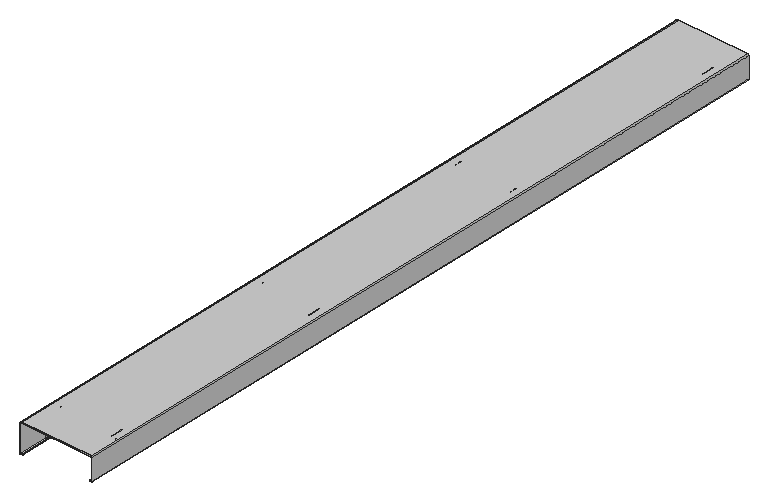
Revit family "AT175", category 一般モデル, Revit 2020
Family settings
  鉄筋をホスト可能 = いいえ
  丸型コネクタ寸法 = 直径を使用
  パーツ タイプ = 標準
  作業面ベース = いいえ
  常に垂直 = はい
  ロード時にボイドで切り取り = いいえ
  共有 = いいえ
  部屋計算ポイント = いいえ
Parameters
  色 = アルミ シルバー 陽極酸化塗装複合皮膜
  笠木長さ [instance] = 2000 mm
  定尺笠木長さ = 4000 mm
  既定の高さ = 0 mm
  固定金具数 [instance] = 4
  判定 [instance] = if(笠木長さ > 4000 mm, 定尺笠木長さ, 笠木長さ)  # 2000 mm
Reference planes
  plane 1 "中心(正面/背面)": y = 0
  plane 2: z = 0
  plane 3 "中心(左/右)": x = 0
  plane 4: x = 87.5
  plane 5: x = -87.5
  plane 6: z = -43
  plane 7: y = -2000
  plane 8: y = -100
  plane 9: y = -1900
Forms (mm)
  Extrusion 1, solid, material "アルミ シルバー 陽極酸化塗装複合皮膜" <- "色"
    sketch origin (-227.256, 0, -140.315) x (1, 0, 0) y (0, 0, 1)
      loop
        line (139.756, 165.315) -> (139.756, 97.815)
        arc (139.756, 97.815) -> (139.902, 97.462) -> (140.256, 97.315) r 0.5
        line (140.256, 97.315) -> (144.956, 97.315)
        arc (144.956, 97.315) -> (145.31, 97.462) -> (145.456, 97.815) r 0.5
        line (145.456, 97.815) -> (145.456, 98.915)
        arc (145.456, 98.915) -> (145.31, 99.269) -> (144.956, 99.415) r 0.5
        line (144.956, 99.415) -> (141.756, 99.415)
        arc (141.756, 99.415) -> (141.402, 99.562) -> (141.256, 99.915) r 0.5
        line (141.256, 99.915) -> (141.256, 163.88)
        arc (141.256, 163.88) -> (141.904, 165.354) -> (143.429, 165.873) r 2
        line (143.429, 165.873) -> (311.429, 151.299)
        arc (311.429, 151.299) -> (312.73, 150.658) -> (313.256, 149.307) r 2
        line (313.256, 149.307) -> (313.256, 99.415) -> (309.556, 99.415)
        arc (309.556, 99.415) -> (309.202, 99.269) -> (309.056, 98.915) r 0.5
        line (309.056, 98.915) -> (309.056, 97.815)
        arc (309.056, 97.815) -> (309.202, 97.462) -> (309.556, 97.315) r 0.5
        line (309.556, 97.315) -> (314.256, 97.315)
        arc (314.256, 97.315) -> (314.61, 97.462) -> (314.756, 97.815) r 0.5
        line (314.756, 97.815) -> (314.756, 150.481)
        arc (314.756, 150.481) -> (314.23, 151.833) -> (312.929, 152.474) r 2
        line (312.929, 152.474) -> (141.929, 167.308)
        arc (141.929, 167.308) -> (140.404, 166.789) -> (139.756, 165.315) r 2
    from 0 to 2000
  Extrusion 2, solid, not visible
    sketch origin (0, 0, 0) x (1, 0, 0) y (0, 0, 1)
      loop
        line (139.756, 165.315) -> (139.756, 97.815)
        arc (139.756, 97.815) -> (139.902, 97.462) -> (140.256, 97.315) r 0.5
        line (140.256, 97.315) -> (144.956, 97.315)
        arc (144.956, 97.315) -> (145.31, 97.462) -> (145.456, 97.815) r 0.5
        line (145.456, 97.815) -> (145.456, 98.915)
        arc (145.456, 98.915) -> (145.31, 99.269) -> (144.956, 99.415) r 0.5
        line (144.956, 99.415) -> (141.756, 99.415)
        arc (141.756, 99.415) -> (141.402, 99.562) -> (141.256, 99.915) r 0.5
        line (141.256, 99.915) -> (141.256, 163.88)
        arc (141.256, 163.88) -> (141.904, 165.354) -> (143.429, 165.873) r 2
        line (143.429, 165.873) -> (311.429, 151.299)
        arc (311.429, 151.299) -> (312.73, 150.658) -> (313.256, 149.307) r 2
        line (313.256, 149.307) -> (313.256, 99.415) -> (309.556, 99.415)
        arc (309.556, 99.415) -> (309.202, 99.269) -> (309.056, 98.915) r 0.5
        line (309.056, 98.915) -> (309.056, 97.815)
        arc (309.056, 97.815) -> (309.202, 97.462) -> (309.556, 97.315) r 0.5
        line (309.556, 97.315) -> (314.256, 97.315)
        arc (314.256, 97.315) -> (314.61, 97.462) -> (314.756, 97.815) r 0.5
        line (314.756, 97.815) -> (314.756, 150.481)
        arc (314.756, 150.481) -> (314.23, 151.833) -> (312.929, 152.474) r 2
        line (312.929, 152.474) -> (141.929, 167.308)
        arc (141.929, 167.308) -> (140.404, 166.789) -> (139.756, 165.315) r 2
    from 0 to 250
Dimensions and locks
  locked: plane 5 to plane 3 "中心(左/右)" at 87.5
  plane 4 to plane 3 "中心(左/右)" = 87.5 mm
  locked: plane 6 to plane 2 at 43
  "笠木長さ": plane 7 to plane 1 "中心(正面/背面)"
  locked: plane 8 to plane 1 "中心(正面/背面)" at 100
  locked: plane 9 to plane 7 at 100
  locked: plane 8 to nested 1 at 25
  equal spacing: group 2, group 4, group 5, group 3  (x2)
  equal spacing: group 3, group 5, group 4, group 2
  locked: plane 9 to nested 2 at 25
  "判定": Extrusion 1 to plane 1 "中心(正面/背面)"
  aligned and locked: level to plane 2
  aligned and locked: plane 5 to Extrusion 1
  aligned and locked: Extrusion 1 to plane 6
  aligned and locked: plane 7 to Extrusion 1
Automatic sketch dimensions
  plane 5 to Extrusion 1 sketch curve = 0 mm
  Extrusion 1 sketch curve to plane 6 = 0 mm  (x2)
  plane 4 to Extrusion 1 sketch curve = 0 mm
  Extrusion 1 sketch curve to plane 5 = 0.5 mm
  Extrusion 1 sketch curve to plane 5 = 1.5 mm
  Extrusion 1 sketch curve to Extrusion 1 sketch curve = 0.5 mm  (x4)
  Extrusion 1 sketch curve to Extrusion 1 sketch curve = 0.173 mm  (x2)
  Extrusion 1 sketch curve to Extrusion 1 sketch curve = 2 mm
  Extrusion 1 sketch curve to Extrusion 1 sketch curve = 1.673 mm
  plane 6 to Extrusion 1 sketch curve = 0.5 mm  (x2)
  Extrusion 1 sketch curve to Extrusion 1 sketch curve = 3.2 mm
  plane 4 to Extrusion 1 sketch curve = 5.7 mm
  plane 4 to Extrusion 1 sketch curve = 3.5 mm
  Extrusion 1 sketch curve to Extrusion 1 sketch curve = 1.327 mm
  plane 4 to Extrusion 1 sketch curve = 1.827 mm
  plane 4 to Extrusion 1 sketch curve = 1.5 mm
  plane 4 to Extrusion 1 sketch curve = 0.5 mm
  Extrusion 1 sketch curve to Extrusion 1 sketch curve = 1.1 mm  (x2)
  level to Extrusion 1 sketch curve = 8.991 mm
  Extrusion 1 sketch curve to Extrusion 1 sketch curve = 1.175 mm
  level to Extrusion 1 sketch curve = 23.565 mm
  Extrusion 1 sketch curve to Extrusion 1 sketch curve = 1.435 mm
Nested families
  nested 1: "ATAF175" at (0, -75, 0), type "ATAF175"
  nested 2: "ATAF175" at (0, -1875, 0), type "ATAF175"
  nested 3: "ATAF175" at (0, -675, 0), type "ATAF175"
  nested 4: "ATAF175" at (0, -1275, 0), type "ATAF175"
Definition of nested family "ATAF175"
  Parameters (values of type "ATAF175")
    色 = none
    Default Elevation = 0 mm
  Reference planes
    plane 1 "中心(正面/背面)": y = 0
    plane 2: z = 0
    plane 3 "中心(左/右)": x = 0
  Forms (mm)
    Extrusion 1, solid, material <- "色"
      sketch origin (-227.256, 0, -140.315) x (1, 0, 0) y (0, 0, 1)
        loop
          line (313.256, 106.414) -> (306.256, 149.915) -> (284.456, 151.286) -> (284.456, 146.425)
          arc (284.456, 146.425) -> (283.854, 144.996) -> (282.412, 144.426) r 2
          line (282.412, 144.426) -> (264.753, 144.815) -> (227.256, 144.816) -> (189.749, 144.815) -> (178.11, 144.486)
          arc (178.11, 144.486) -> (176.661, 145.052) -> (176.056, 146.485) r 2
          line (176.056, 146.485) -> (176.044, 160.29) -> (151.256, 163.215) -> (141.256, 104.417) -> (141.256, 99.415) -> (143.07, 99.415) -> (153.65, 156.386)
          arc (153.65, 156.386) -> (154.82, 158.254) -> (156.951, 158.818) r 3
          line (156.951, 158.818) -> (170.582, 157.208)
          arc (170.582, 157.208) -> (171.848, 156.553) -> (172.356, 155.221) r 2
          line (172.356, 155.221) -> (172.356, 140.315) -> (287.956, 140.315) -> (287.956, 145.43)
          arc (287.956, 145.43) -> (288.587, 146.887) -> (290.081, 147.426) r 2
          line (290.081, 147.426) -> (300.928, 146.744)
          arc (300.928, 146.744) -> (302.747, 145.998) -> (303.714, 144.287) r 3
          line (303.714, 144.287) -> (311.256, 101.619) -> (311.256, 99.415) -> (313.256, 99.415) -> (313.256, 106.414)
      from 0 to 50
  Dimensions and locks
    Extrusion 1 to level = 0 mm
    Extrusion 1 to plane 3 "中心(左/右)" = 86 mm
    aligned and locked: level to plane 2
